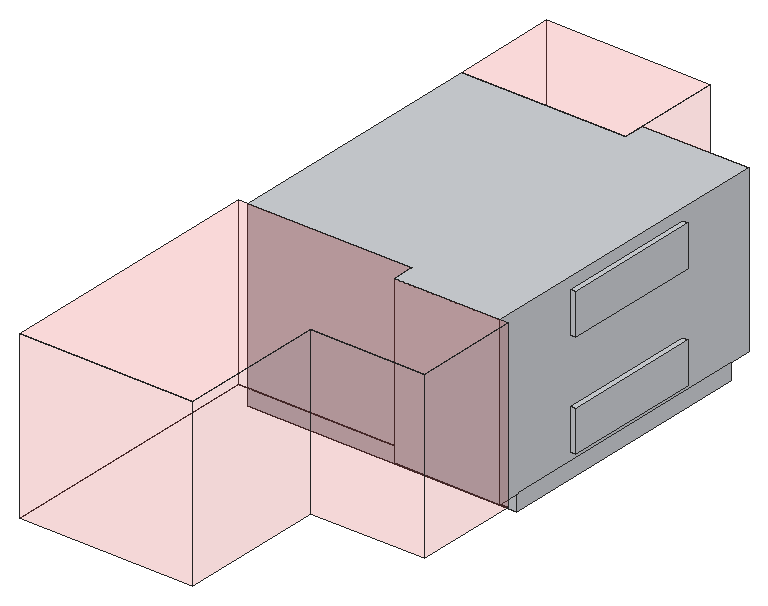
Revit family
Parameters (values of type "575 V Three Phase")
  XS4 [instance] = "XS4"
  XS3 [instance] = "XS3"
  XP5 [instance] = "XP5"
  XP4 [instance] = "XP4"
  XP3 [instance] = "XP3"
  XH5 [instance] = "XH5"
  XH4 [instance] = "XH4"
  XH3 [instance] = "XH3"
  XD4 [instance] = "XD4"
  XD3 [instance] = "XD3"
  XB6 [instance] = "XB6"
  XB4 [instance] = "XB4"
  XB3 [instance] = "XB3"
  Winter Exhaust RH Scheduled [instance] = 35
  Winter Exhaust DB Scheduled [instance] = 70
  Weight Scheduled [instance] = 1100
  Voltage Workaround = Voltage / 1 V  # 575
  Voltage Scheduled = Voltage  # 575 V
  Voltage = 575 V
  VoltAmps Workaround [instance] = Voltage Workaround * Total FLA * sqrt(Phase)  # 13743.8232
  VoltAmps [instance] = VoltAmps Workaround * 1 VA  # 13743.8 VA
  URL = "http://www.renewaire.com/products/doas/indoor-models/rd4xin"
  Total FLA [instance] = Supply Motor FLA + Exhaust Motor FLA  # 13.8
  Supply Motor HP Scheduled [instance] = Supply Motor HP  # 5
  Supply Motor HP [instance] = 5  # constant formula
  Supply Motor FLA [instance] = if(or(Voltage = 208 V, Voltage = 230 V), 18.6, if(Voltage = 460 V, 9.3, if(Voltage = 575 V, 6.9, 0)))  # 6.9
  Supply Motor Count Scheduled [instance] = Supply Motor Count  # 1
  Supply Motor Count [instance] = 1  # constant formula
  Supply ESP Scheduled [instance] = Supply ESP  # 1
  Supply ESP [instance] = 1
  Supply CFM Scheduled [instance] = Supply CFM  # 1600 CFM
  Supply CFM [instance] = 1600 CFM
  Supply Air Winter WB Scheduled [instance] = 0
  Supply Air Winter RH Scheduled [instance] = 0
  Supply Air Winter DB Scheduled [instance] = 0
  Supply Air Summer WB Scheduled [instance] = 0
  Supply Air Summer RH Scheduled [instance] = 0
  Supply Air Summer DB Scheduled [instance] = 0
  Summer Exhaust RH Scheduled [instance] = 50
  Summer Exhaust DB Scheduled [instance] = 75
  SD5 [instance] = "SD5"
  SD4 [instance] = "SD4"
  SD3 [instance] = "SD3"
  SC5 [instance] = "SC5"
  SC4 [instance] = "SC4"
  SC3 [instance] = "SC3"
  Phase Scheduled = Phase  # 3
  Phase = 3
  Outside Air Winter WB Scheduled [instance] = -1
  Outside Air Winter DB Scheduled [instance] = 0
  Outside Air Summer WB Scheduled [instance] = 78
  Outside Air Summer DB Scheduled [instance] = 95
  Number of Poles = 3
  No Coil [instance] = "--"
  Model = "RD4XIN"
  Manufacturer = "RenewAire"
  MOCP Scheduled [instance] = MOCP  # 20
  MOCP [instance] = if(and(or(Voltage = 208 V, Voltage = 230 V), Phase = 1), 50, if(and(Voltage = 460 V, Phase = 3), 25, if(and(Voltage = 575 V, Phase = 3), 20, 0)))  # 20
  MCA Scheduled [instance] = MCA  # 15.5
  MCA [instance] = if(and(or(Voltage = 208 V, Voltage = 230 V), Phase = 1), 41.8, if(and(Voltage = 460 V, Phase = 3), 20.9, if(and(Voltage = 575 V, Phase = 3), 15.5, 0)))  # 15.5
  Heating Water EWT Scheduled [instance] = Heating Coil EWT  # 180
  Heating Coil Scheduled [instance] = if(Heat Coil XB6, XB6, if(Heat Coil DV6, DV6, if(Heat Coil XB4, XB4, if(Heat Coil DV4, DV4, if(Heat Coil XB3, XB3, if(Heat Coil DV3, DV3, if(Heat Coil SC5, SC5, if(Heat Coil SD5, SD5, if(Heat Coil SC4, SC4, if(Heat Coil SD4, SD4, if(Heat Coil SC3, SC3, if(Heat Coil SD3, SD3, if(Heat Coil HW1, HW1, No Coil)))))))))))))  # "--"
  Heating Coil PD Scheduled [instance] = if(and(and(Winter Exhaust DB Scheduled = 70, Winter Exhaust RH Scheduled = 35), and(Outside Air Winter WB Scheduled = -1, Outside Air Winter DB Scheduled = 0)), if(or(Heat Coil SC5, Heat Coil SD5), if(Heating Water EWT Scheduled = 140, if(Supply CFM > 4000 CFM, 0, if(Supply CFM > 3000 CFM, 0.6, if(Supply CFM > 2000 CFM, 0.6, 0.6))), if(Heating Water EWT Scheduled = 180, if(Supply CFM > 4000 CFM, 0, if(Supply CFM > 3000 CFM, 0.6, if(Supply CFM > 2000 CFM, 0.6, 0.6))), 0)), if(or(Heat Coil SC4, Heat Coil SD4), if(Heating Water EWT Scheduled = 140, if(Supply CFM > 4000 CFM, 0, if(Supply CFM > 3000 CFM, 1.4, if(Supply CFM > 2000 CFM, 1.4, 1.4))), if(Heating Water EWT Scheduled = 180, if(Supply CFM > 4000 CFM, 0, if(Supply CFM > 3000 CFM, 1.4, if(Supply CFM > 2000 CFM, 1.4, 1.3))), 0)), if(or(Heat Coil SC3, Heat Coil SD3), if(Heating Water EWT Scheduled = 140, if(Supply CFM > 4000 CFM, 0, if(Supply CFM > 3000 CFM, 0.4, if(Supply CFM > 2000 CFM, 0.4, 0.4))), if(Heating Water EWT Scheduled = 180, if(Supply CFM > 4000 CFM, 0, if(Supply CFM > 3000 CFM, 0.4, if(Supply CFM > 2000 CFM, 0.4, 0.4))), 0)), if(Heat Coil HW1, if(Heating Water EWT Scheduled = 140, if(Supply CFM > 4000 CFM, 0, if(Supply CFM > 3000 CFM, 5.8, if(Supply CFM > 2000 CFM, 5.8, 5.8))), if(Heating Water EWT Scheduled = 180, if(Supply CFM > 4000 CFM, 0, if(Supply CFM > 3000 CFM, 5.7, if(Supply CFM > 2000 CFM, 5.7, 5.7))), 0)), 0)))), 0)  # 0
  Heating Coil Load Scheduled [instance] = if(and(and(Winter Exhaust DB Scheduled = 70, Winter Exhaust RH Scheduled = 35), and(Outside Air Winter WB Scheduled = -1, Outside Air Winter DB Scheduled = 0)), if(or(Heat Coil XB6, Heat Coil DV6), if(Supply CFM > 4000 CFM, 0, if(Supply CFM > 3000 CFM, 252, if(Supply CFM > 2000 CFM, 189, 131))), if(or(Heat Coil XB4, Heat Coil DV4), if(Supply CFM > 4000 CFM, 0, if(Supply CFM > 3000 CFM, 227, if(Supply CFM > 2000 CFM, 169, 137))), if(or(Heat Coil XB3, Heat Coil DV3), if(Supply CFM > 4000 CFM, 0, if(Supply CFM > 3000 CFM, 0, if(Supply CFM > 2000 CFM, 190, 126))), if(or(Heat Coil SC5, Heat Coil SD5), if(Heating Water EWT Scheduled = 140, if(Supply CFM > 4000 CFM, 0, if(Supply CFM > 3000 CFM, 310, if(Supply CFM > 2000 CFM, 245, 171))), if(Heating Water EWT Scheduled = 180, if(Supply CFM > 4000 CFM, 0, if(Supply CFM > 3000 CFM, 447, if(Supply CFM > 2000 CFM, 357, 251))), 0)), if(or(Heat Coil SC4, Heat Coil SD4), if(Heating Water EWT Scheduled = 140, if(Supply CFM > 4000 CFM, 0, if(Supply CFM > 3000 CFM, 294, if(Supply CFM > 2000 CFM, 234, 164))), if(Heating Water EWT Scheduled = 180, if(Supply CFM > 4000 CFM, 0, if(Supply CFM > 3000 CFM, 424, if(Supply CFM > 2000 CFM, 340, 241))), 0)), if(or(Heat Coil SC3, Heat Coil SD3), if(Heating Water EWT Scheduled = 140, if(Supply CFM > 4000 CFM, 0, if(Supply CFM > 3000 CFM, 256, if(Supply CFM > 2000 CFM, 208, 151))), if(Heating Water EWT Scheduled = 180, if(Supply CFM > 4000 CFM, 0, if(Supply CFM > 3000 CFM, 371, if(Supply CFM > 2000 CFM, 304, 223))), 0)), if(Heat Coil HW1, if(Heating Water EWT Scheduled = 140, if(Supply CFM > 4000 CFM, 0, if(Supply CFM > 3000 CFM, 158, if(Supply CFM > 2000 CFM, 135, 106))), if(Heating Water EWT Scheduled = 180, if(Supply CFM > 4000 CFM, 0, if(Supply CFM > 3000 CFM, 229, if(Supply CFM > 2000 CFM, 197, 157))), 0)), 0))))))), 0)  # 0
  Heating Coil LWT [instance] = 0
  Heating Coil LAT Scheduled [instance] = if(and(and(Winter Exhaust DB Scheduled = 70, Winter Exhaust RH Scheduled = 35), and(Outside Air Winter WB Scheduled = -1, Outside Air Winter DB Scheduled = 0)), if(or(Heat Coil XB6, Heat Coil DV6), if(Supply CFM > 4000 CFM, 0, if(Supply CFM > 3000 CFM, 104, if(Supply CFM > 2000 CFM, 107.6, 113.8))), if(or(Heat Coil XB4, Heat Coil DV4), if(Supply CFM > 4000 CFM, 0, if(Supply CFM > 3000 CFM, 98.3, if(Supply CFM > 1000 CFM, 101.7, 116.6))), if(or(Heat Coil XB3, Heat Coil DV3), if(Supply CFM > 4000 CFM, 0, if(Supply CFM > 3000 CFM, 0, if(Supply CFM > 2000 CFM, 107.9, 111.6))), if(or(Heat Coil SC5, Heat Coil SD5), if(Heating Water EWT Scheduled = 140, if(Supply CFM > 4000 CFM, 0, if(Supply CFM > 3000 CFM, 117.4, if(Supply CFM > 2000 CFM, 125.1, 132.2))), if(Heating Water EWT Scheduled = 180, if(Supply CFM > 4000 CFM, 0, if(Supply CFM > 3000 CFM, 149, if(Supply CFM > 2000 CFM, 159.4, 169.2))), 0)), if(or(Heat Coil SC4, Heat Coil SD4), if(Heating Water EWT Scheduled = 140, if(Supply CFM > 4000 CFM, 0, if(Supply CFM > 3000 CFM, 113.9, if(Supply CFM > 2000 CFM, 121.5, 129))), if(Heating Water EWT Scheduled = 180, if(Supply CFM > 4000 CFM, 0, if(Supply CFM > 3000 CFM, 143.7, if(Supply CFM > 2000 CFM, 154.1, 164.4))), 0)), if(or(Heat Coil SC3, Heat Coil SD3), if(Heating Water EWT Scheduled = 140, if(Supply CFM > 4000 CFM, 0, if(Supply CFM > 3000 CFM, 105, if(Supply CFM > 2000 CFM, 113.7, 123.2))), if(Heating Water EWT Scheduled = 180, if(Supply CFM > 4000 CFM, 0, if(Supply CFM > 3000 CFM, 131.5, if(Supply CFM > 2000 CFM, 143.2, 156.4))), 0)), if(Heat Coil HW1, if(Heating Water EWT Scheduled = 140, if(Supply CFM > 4000 CFM, 0, if(Supply CFM > 3000 CFM, 82.4, if(Supply CFM > 2000 CFM, 91, 102.3))), if(Heating Water EWT Scheduled = 180, if(Supply CFM > 4000 CFM, 0, if(Supply CFM > 3000 CFM, 98.7, if(Supply CFM > 2000 CFM, 110.1, 125.6))), 0)), 0))))))), 0)  # 0
  Heating Coil Fluid Type Scheduled [instance] = ""
  Heating Coil Flow Rate Scheduled [instance] = if(and(and(Winter Exhaust DB Scheduled = 70, Winter Exhaust RH Scheduled = 35), and(Outside Air Winter WB Scheduled = -1, Outside Air Winter DB Scheduled = 0)), if(or(Heat Coil SC5, Heat Coil SD5), if(Heating Water EWT Scheduled = 140, if(Supply CFM > 4000 CFM, 0, if(Supply CFM > 3000 CFM, 12.2, if(Supply CFM > 2000 CFM, 12.2, 12.2))), if(Heating Water EWT Scheduled = 180, if(Supply CFM > 4000 CFM, 0, if(Supply CFM > 3000 CFM, 12.3, if(Supply CFM > 2000 CFM, 12.3, 12.3))), 0)), if(or(Heat Coil SC4, Heat Coil SD4), if(Heating Water EWT Scheduled = 140, if(Supply CFM > 4000 CFM, 0, if(Supply CFM > 3000 CFM, 12.2, if(Supply CFM > 2000 CFM, 12.2, 12.2))), if(Heating Water EWT Scheduled = 180, if(Supply CFM > 4000 CFM, 0, if(Supply CFM > 3000 CFM, 12.3, if(Supply CFM > 2000 CFM, 12.3, 12.3))), 0)), if(or(Heat Coil SC3, Heat Coil SD3), if(Heating Water EWT Scheduled = 140, if(Supply CFM > 4000 CFM, 0, if(Supply CFM > 3000 CFM, 12.2, if(Supply CFM > 2000 CFM, 12.2, 12.2))), if(Heating Water EWT Scheduled = 180, if(Supply CFM > 4000 CFM, 0, if(Supply CFM > 3000 CFM, 12.3, if(Supply CFM > 2000 CFM, 12.3, 12.3))), 0)), if(Heat Coil HW1, if(Heating Water EWT Scheduled = 140, if(Supply CFM > 4000 CFM, 0, if(Supply CFM > 3000 CFM, 12.2, if(Supply CFM > 2000 CFM, 12.2, 12.2))), if(Heating Water EWT Scheduled = 180, if(Supply CFM > 4000 CFM, 0, if(Supply CFM > 3000 CFM, 12.3, if(Supply CFM > 2000 CFM, 12.3, 12.3))), 0)), 0)))), 0)  # 0
  Heating Coil EWT [instance] = 180
  Heat Coil XS4 [instance] = no
  Heat Coil XS3 [instance] = no
  Heat Coil XD4 [instance] = no
  Heat Coil XD3 [instance] = no
  Heat Coil XB6 [instance] = no
  Heat Coil XB4 [instance] = no
  Heat Coil XB3 [instance] = no
  Heat Coil SD5 [instance] = no
  Heat Coil SD4 [instance] = no
  Heat Coil SD3 [instance] = no
  Heat Coil SC5 [instance] = no
  Heat Coil SC4 [instance] = no
  Heat Coil SC3 [instance] = no
  Heat Coil HW1 [instance] = no
  Heat Coil DV6 [instance] = no
  Heat Coil DV4 [instance] = no
  Heat Coil DV3 [instance] = no
  HW1 [instance] = "HW1"
  HP4 [instance] = "HP4"
  HP3 [instance] = "HP3"
  FLA Scheduled [instance] = Total FLA  # 13.8
  Exhaust Motor HP Scheduled [instance] = Exhaust Motor HP  # 5
  Exhaust Motor HP [instance] = 5  # constant formula
  Exhaust Motor FLA [instance] = if(or(Voltage = 208 V, Voltage = 230 V), 18.6, if(Voltage = 460 V, 9.3, if(Voltage = 575 V, 6.9, 0)))  # 6.9
  Exhaust Motor Count Scheduled [instance] = Exhaust Motor Count  # 1
  Exhaust Motor Count [instance] = 1  # constant formula
  Exhaust ESP Scheduled [instance] = Exhaust ESP  # 1
  Exhaust ESP [instance] = 1
  Exhaust CFM Scheduled [instance] = Exhaust CFM  # 1500 CFM
  Exhaust CFM [instance] = 1500 CFM
  Enthalpy Effect Winter Scheduled [instance] = 0
  Enthalpy Effect Summer Scheduled [instance] = 0
  Effectiveness Total Winter Scheduled [instance] = 0
  Effectiveness Total Summer Scheduled [instance] = 0
  Effectiveness Sensible Winter Scheduled [instance] = 0
  Effectiveness Sensible Summer Scheduled [instance] = 0
  DX5 [instance] = "DX5"
  DX4 [instance] = "DX4"
  DX3 [instance] = "DX3"
  DV6 [instance] = "DV6"
  DV4 [instance] = "DV4"
  DV3 [instance] = "DV3"
  DU4 [instance] = "DU4"
  DU3 [instance] = "DU3"
  DP4 [instance] = "DP4"
  DP3 [instance] = "DP3"
  DH4 [instance] = "DH4"
  DH3 [instance] = "DH3"
  DD5 [instance] = "DD5"
  DD4 [instance] = "DD4"
  DD3 [instance] = "DD3"
  Cooling Coil Scheduled [instance] = if(Cool Coil DX5, DX5, if(Cool Coil DD5, DD5, if(Cool Coil XH5, XH5, if(Cool Coil XP5, XP5, if(Cool Coil DX4, DX4, if(Cool Coil DD4, DD4, if(Cool Coil XH4, XH4, if(Cool Coil XP4, XP4, if(Cool Coil DX3, DX3, if(Cool Coil DD3, DD3, if(Cool Coil XH3, XH3, if(Cool Coil XP3, XP3, if(Cool Coil DU4, DU4, if(Cool Coil DH4, DH4, if(Cool Coil DP4, DP4, if(Cool Coil HP4, HP4, if(Cool Coil DU3, DU3, if(Cool Coil DH3, DH3, if(Cool Coil DP3, DP3, if(Cool Coil HP3, HP3, if(Cool Coil XB6, XB6, if(Cool Coil DV6, DV6, if(Cool Coil XB4, XB4, if(Cool Coil DV4, DV4, if(Cool Coil XB3, XB3, if(Cool Coil DV3, DV3, if(Cool Coil CW5, CW5, if(Cool Coil CD5, CD5, if(Cool Coil CH5, CH5, if(Cool Coil BD5, BD5, if(Cool Coil SC5, SC5, if(Cool Coil SD5, SD5, if(Cool Coil CW4, CW4, if(Cool Coil CD4, CD4, if(Cool Coil CH4, CH4, if(Cool Coil BD4, BD4, if(Cool Coil SC4, SC4, if(Cool Coil SD4, SD4, if(Cool Coil CW3, CW3, if(Cool Coil CD3, CD3, if(Cool Coil CH3, CH3, if(Cool Coil BD3, BD3, if(Cool Coil SC3, SC3, if(Cool Coil SD3, SD3, No Coil))))))))))))))))))))))))))))))))))))))))))))  # "--"
  Cooling Coil PD [instance] = if(and(Summer Exhaust DB Scheduled = 75, Summer Exhaust RH Scheduled = 50), if(or(Cool Coil CW5, or(Cool Coil CD5, or(Cool Coil CH5, or(Cool Coil BD5, or(Cool Coil SC5, Cool Coil SD5))))), if(and(Outside Air Summer DB Scheduled = 95, Outside Air Summer WB Scheduled = 78), if(Supply CFM > 4000 CFM, 0, if(Supply CFM > 3000 CFM, 3.5, if(Supply CFM > 2000 CFM, 3.5, 1.7))), if(and(Outside Air Summer DB Scheduled = 88, Outside Air Summer WB Scheduled = 77), if(Supply CFM > 4000 CFM, 0, if(Supply CFM > 3000 CFM, 3.5, if(Supply CFM > 2000 CFM, 3.5, 1.7))), 0)), if(or(Cool Coil CW4, or(Cool Coil CD4, or(Cool Coil CH4, or(Cool Coil BD4, or(Cool Coil SC4, Cool Coil SD4))))), if(and(Outside Air Summer DB Scheduled = 95, Outside Air Summer WB Scheduled = 78), if(Supply CFM > 4000 CFM, 0, if(Supply CFM > 3000 CFM, 8.5, if(Supply CFM > 2000 CFM, 8.6, 4.1))), if(and(Outside Air Summer DB Scheduled = 88, Outside Air Summer WB Scheduled = 77), if(Supply CFM > 4000 CFM, 0, if(Supply CFM > 3000 CFM, 8.5, if(Supply CFM > 2000 CFM, 8.6, 4.1))), 0)), if(or(Cool Coil CW3, or(Cool Coil CD3, or(Cool Coil CH3, or(Cool Coil BD3, or(Cool Coil SC3, Cool Coil SD3))))), if(and(Outside Air Summer DB Scheduled = 95, Outside Air Summer WB Scheduled = 78), if(Supply CFM > 4000 CFM, 0, if(Supply CFM > 3000 CFM, 2.3, if(Supply CFM > 2000 CFM, 2.3, 2.3))), if(and(Outside Air Summer DB Scheduled = 88, Outside Air Summer WB Scheduled = 77), if(Supply CFM > 4000 CFM, 0, if(Supply CFM > 3000 CFM, 2.3, if(Supply CFM > 2000 CFM, 2.3, 2.3))), 0)), 0))), 0)  # 0
  Cooling Coil Load Scheduled [instance] = if(and(Summer Exhaust DB Scheduled = 75, Summer Exhaust RH Scheduled = 50), if(or(Cool Coil DX5, or(Cool Coil DD5, or(Cool Coil XH5, Cool Coil XP5))), if(and(Outside Air Summer DB Scheduled = 95, Outside Air Summer WB Scheduled = 78), if(Supply CFM > 4000 CFM, 0, if(Supply CFM > 3000 CFM, 269, if(Supply CFM > 2000 CFM, 211, 148))), if(and(Outside Air Summer DB Scheduled = 88, Outside Air Summer WB Scheduled = 77), if(Supply CFM > 4000 CFM, 0, if(Supply CFM > 3000 CFM, 268, if(Supply CFM > 2000 CFM, 211, 147))), 0)), if(or(Cool Coil DX4, or(Cool Coil DD4, or(Cool Coil XH4, Cool Coil XP4))), if(and(Outside Air Summer DB Scheduled = 95, Outside Air Summer WB Scheduled = 78), if(Supply CFM > 4000 CFM, 0, if(Supply CFM > 3000 CFM, 260, if(Supply CFM > 2000 CFM, 204, 144))), if(and(Outside Air Summer DB Scheduled = 88, Outside Air Summer WB Scheduled = 77), if(Supply CFM > 4000 CFM, 0, if(Supply CFM > 3000 CFM, 259, if(Supply CFM > 2000 CFM, 204, 142))), 0)), if(or(Cool Coil DX3, or(Cool Coil DD3, or(Cool Coil XH3, Cool Coil XP3))), if(and(Outside Air Summer DB Scheduled = 95, Outside Air Summer WB Scheduled = 78), if(Supply CFM > 4000 CFM, 0, if(Supply CFM > 3000 CFM, 243, 191)), if(and(Outside Air Summer DB Scheduled = 88, Outside Air Summer WB Scheduled = 77), if(Supply CFM > 4000 CFM, 0, if(Supply CFM > 3000 CFM, 242, 190)), 0)), if(or(Cool Coil DU4, or(Cool Coil DH4, or(Cool Coil DP4, Cool Coil HP4))), if(and(Outside Air Summer DB Scheduled = 95, Outside Air Summer WB Scheduled = 78), if(Supply CFM > 4000 CFM, 0, if(Supply CFM > 3000 CFM, 266, if(Supply CFM > 2000 CFM, 208, 146))), if(and(Outside Air Summer DB Scheduled = 88, Outside Air Summer WB Scheduled = 77), if(Supply CFM > 4000 CFM, 0, if(Supply CFM > 3000 CFM, 265, if(Supply CFM > 2000 CFM, 207, 144))), 0)), if(or(Cool Coil DU3, or(Cool Coil DH3, or(Cool Coil DP3, Cool Coil HP3))), if(and(Outside Air Summer DB Scheduled = 95, Outside Air Summer WB Scheduled = 78), if(Supply CFM > 4000 CFM, 0, if(Supply CFM > 3000 CFM, 232, if(Supply CFM > 2000 CFM, 183, 130))), if(and(Outside Air Summer DB Scheduled = 88, Outside Air Summer WB Scheduled = 77), if(Supply CFM > 4000 CFM, 0, if(Supply CFM > 3000 CFM, 231, if(Supply CFM > 2000 CFM, 182, 129))), 0)), if(or(Cool Coil XB6, Cool Coil DV6), if(and(Outside Air Summer DB Scheduled = 95, Outside Air Summer WB Scheduled = 78), if(Supply CFM > 4000 CFM, 0, if(Supply CFM > 3000 CFM, 275, if(Supply CFM > 2000 CFM, 214, 149))), if(and(Outside Air Summer DB Scheduled = 88, Outside Air Summer WB Scheduled = 77), if(Supply CFM > 4000 CFM, 0, if(Supply CFM > 3000 CFM, 273, if(Supply CFM > 2000 CFM, 213, 147))), 0)), if(or(Cool Coil XB4, Cool Coil DV4), if(and(Outside Air Summer DB Scheduled = 95, Outside Air Summer WB Scheduled = 78), if(Supply CFM > 4000 CFM, 0, if(Supply CFM > 3000 CFM, 257, if(Supply CFM > 2000 CFM, 200, 141))), if(and(Outside Air Summer DB Scheduled = 88, Outside Air Summer WB Scheduled = 77), if(Supply CFM > 4000 CFM, 0, if(Supply CFM > 3000 CFM, 256, if(Supply CFM > 2000 CFM, 199, 140))), 0)), if(or(Cool Coil XB3, Cool Coil DV3), if(and(Outside Air Summer DB Scheduled = 95, Outside Air Summer WB Scheduled = 78), if(Supply CFM > 3000 CFM, 0, if(Supply CFM > 2000 CFM, 186, 135)), if(and(Outside Air Summer DB Scheduled = 88, Outside Air Summer WB Scheduled = 77), if(Supply CFM > 3000 CFM, 0, if(Supply CFM > 2000 CFM, 186, 134)), 0)), if(or(Cool Coil CW5, or(Cool Coil CD5, or(Cool Coil CH5, or(Cool Coil BD5, or(Cool Coil SC5, Cool Coil SD5))))), if(and(Outside Air Summer DB Scheduled = 95, Outside Air Summer WB Scheduled = 78), if(Supply CFM > 4000 CFM, 0, if(Supply CFM > 3000 CFM, 225, if(Supply CFM > 2000 CFM, 184, 124))), if(and(Outside Air Summer DB Scheduled = 88, Outside Air Summer WB Scheduled = 77), if(Supply CFM > 4000 CFM, 0, if(Supply CFM > 3000 CFM, 225, if(Supply CFM > 2000 CFM, 184, 123))), 0)), if(or(Cool Coil CW4, or(Cool Coil CD4, or(Cool Coil CH4, or(Cool Coil BD4, or(Cool Coil SC4, Cool Coil SD4))))), if(and(Outside Air Summer DB Scheduled = 95, Outside Air Summer WB Scheduled = 78), if(Supply CFM > 4000 CFM, 0, if(Supply CFM > 3000 CFM, 215, if(Supply CFM > 2000 CFM, 176, 119))), if(and(Outside Air Summer DB Scheduled = 88, Outside Air Summer WB Scheduled = 77), if(Supply CFM > 4000 CFM, 0, if(Supply CFM > 3000 CFM, 214, if(Supply CFM > 2000 CFM, 175, 118))), 0)), if(or(Cool Coil CW3, or(Cool Coil CD3, or(Cool Coil CH3, or(Cool Coil BD3, or(Cool Coil SC3, Cool Coil SD3))))), if(and(Outside Air Summer DB Scheduled = 95, Outside Air Summer WB Scheduled = 78), if(Supply CFM > 4000 CFM, 0, if(Supply CFM > 3000 CFM, 179, if(Supply CFM > 2000 CFM, 150, 113))), if(and(Outside Air Summer DB Scheduled = 88, Outside Air Summer WB Scheduled = 77), if(Supply CFM > 4000 CFM, 0, if(Supply CFM > 3000 CFM, 178, if(Supply CFM > 2000 CFM, 149, 113))), 0)), 0))))))))))), 0)  # 0
  Cooling Coil LWT [instance] = 55
  Cooling Coil LAT Scheduled [instance] = if(and(Summer Exhaust DB Scheduled = 75, Summer Exhaust RH Scheduled = 50), if(or(Cool Coil DX5, or(Cool Coil DD5, or(Cool Coil XH5, Cool Coil XP5))), if(and(Outside Air Summer DB Scheduled = 95, Outside Air Summer WB Scheduled = 78), if(Supply CFM > 4000 CFM, 0, if(Supply CFM > 3000 CFM, 51.8, if(Supply CFM > 2000 CFM, 48.9, 45.7))), if(and(Outside Air Summer DB Scheduled = 88, Outside Air Summer WB Scheduled = 77), if(Supply CFM > 4000 CFM, 0, if(Supply CFM > 3000 CFM, 51.7, if(Supply CFM > 2000 CFM, 48.8, 45.6))), 0)), if(or(Cool Coil DX4, or(Cool Coil DD4, or(Cool Coil XH4, Cool Coil XP4))), if(and(Outside Air Summer DB Scheduled = 95, Outside Air Summer WB Scheduled = 78), if(Supply CFM > 4000 CFM, 0, if(Supply CFM > 3000 CFM, 52.7, if(Supply CFM > 2000 CFM, 49.9, 46.7))), if(and(Outside Air Summer DB Scheduled = 88, Outside Air Summer WB Scheduled = 77), if(Supply CFM > 4000 CFM, 0, if(Supply CFM > 3000 CFM, 52.6, if(Supply CFM > 2000 CFM, 49.8, 46.6))), 0)), if(or(Cool Coil DX3, or(Cool Coil DD3, or(Cool Coil XH3, Cool Coil XP3))), if(and(Outside Air Summer DB Scheduled = 95, Outside Air Summer WB Scheduled = 78), if(Supply CFM > 4000 CFM, 0, if(Supply CFM > 3000 CFM, 54.4, 51.8)), if(and(Outside Air Summer DB Scheduled = 88, Outside Air Summer WB Scheduled = 77), if(Supply CFM > 4000 CFM, 0, if(Supply CFM > 3000 CFM, 54.3, 51.7)), 0)), if(or(Cool Coil DU4, or(Cool Coil DH4, or(Cool Coil DP4, Cool Coil HP4))), if(and(Outside Air Summer DB Scheduled = 95, Outside Air Summer WB Scheduled = 78), if(Supply CFM > 4000 CFM, 0, if(Supply CFM > 3000 CFM, 52.1, if(Supply CFM > 2000 CFM, 49.3, 46.2))), if(and(Outside Air Summer DB Scheduled = 88, Outside Air Summer WB Scheduled = 77), if(Supply CFM > 4000 CFM, 0, if(Supply CFM > 3000 CFM, 52, if(Supply CFM > 2000 CFM, 49.3, 46.1))), 0)), if(or(Cool Coil DU3, or(Cool Coil DH3, or(Cool Coil DP3, Cool Coil HP3))), if(and(Outside Air Summer DB Scheduled = 95, Outside Air Summer WB Scheduled = 78), if(Supply CFM > 4000 CFM, 0, if(Supply CFM > 3000 CFM, 55.8, if(Supply CFM > 2000 CFM, 53.1, 49.7))), if(and(Outside Air Summer DB Scheduled = 88, Outside Air Summer WB Scheduled = 77), if(Supply CFM > 4000 CFM, 0, if(Supply CFM > 3000 CFM, 55.6, if(Supply CFM > 2000 CFM, 52.9, 49.6))), 0)), if(or(Cool Coil XB6, Cool Coil DV6), if(and(Outside Air Summer DB Scheduled = 95, Outside Air Summer WB Scheduled = 78), if(Supply CFM > 4000 CFM, 0, if(Supply CFM > 3000 CFM, 51.5, if(Supply CFM > 2000 CFM, 48.7, 45.6))), if(and(Outside Air Summer DB Scheduled = 88, Outside Air Summer WB Scheduled = 77), if(Supply CFM > 4000 CFM, 0, if(Supply CFM > 3000 CFM, 51.3, if(Supply CFM > 2000 CFM, 48.6, 45.6))), 0)), if(or(Cool Coil XB4, Cool Coil DV4), if(and(Outside Air Summer DB Scheduled = 95, Outside Air Summer WB Scheduled = 78), if(Supply CFM > 4000 CFM, 0, if(Supply CFM > 3000 CFM, 53.2, if(Supply CFM > 2000 CFM, 50.6, 47.3))), if(and(Outside Air Summer DB Scheduled = 88, Outside Air Summer WB Scheduled = 77), if(Supply CFM > 4000 CFM, 0, if(Supply CFM > 2000 CFM, 53, if(Supply CFM > 2000 CFM, 50.5, 47.2))), 0)), if(or(Cool Coil XB3, Cool Coil DV3), if(and(Outside Air Summer DB Scheduled = 95, Outside Air Summer WB Scheduled = 78), if(Supply CFM > 3000 CFM, 0, if(Supply CFM > 2000 CFM, 52.6, 48.7)), if(and(Outside Air Summer DB Scheduled = 88, Outside Air Summer WB Scheduled = 77), if(Supply CFM > 3000 CFM, 0, if(Supply CFM > 2000 CFM, 52.4, 48.6)), 0)), if(or(Cool Coil CW5, or(Cool Coil CD5, or(Cool Coil CH5, or(Cool Coil BD5, or(Cool Coil SC5, Cool Coil SD5))))), if(and(Outside Air Summer DB Scheduled = 95, Outside Air Summer WB Scheduled = 78), if(Supply CFM > 4000 CFM, 0, if(Supply CFM > 3000 CFM, 55.7, if(Supply CFM > 2000 CFM, 52.4, 50.7))), if(and(Outside Air Summer DB Scheduled = 88, Outside Air Summer WB Scheduled = 77), if(Supply CFM > 4000 CFM, 0, if(Supply CFM > 3000 CFM, 55.5, if(Supply CFM > 2000 CFM, 52.3, 50.6))), 0)), if(or(Cool Coil CW4, or(Cool Coil CD4, or(Cool Coil CH4, or(Cool Coil BD4, or(Cool Coil SC4, Cool Coil SD4))))), if(and(Outside Air Summer DB Scheduled = 95, Outside Air Summer WB Scheduled = 78), if(Supply CFM > 4000 CFM, 0, if(Supply CFM > 3000 CFM, 56.8, if(Supply CFM > 2000 CFM, 53.6, 51.8))), if(and(Outside Air Summer DB Scheduled = 88, Outside Air Summer WB Scheduled = 77), if(Supply CFM > 4000 CFM, 0, if(Supply CFM > 3000 CFM, 56.6, if(Supply CFM > 2000 CFM, 53.5, 51.7))), 0)), if(or(Cool Coil CW3, or(Cool Coil CD3, or(Cool Coil CH3, or(Cool Coil BD3, or(Cool Coil SC3, Cool Coil SD3))))), if(and(Outside Air Summer DB Scheduled = 95, Outside Air Summer WB Scheduled = 78), if(Supply CFM > 4000 CFM, 0, if(Supply CFM > 3000 CFM, 60.4, if(Supply CFM > 2000 CFM, 57.2, 53.1))), if(and(Outside Air Summer DB Scheduled = 88, Outside Air Summer WB Scheduled = 77), if(Supply CFM > 4000 CFM, 0, if(Supply CFM > 3000 CFM, 60.1, if(Supply CFM > 2000 CFM, 56.9, 52.9))), 0)), 0))))))))))), 0)  # 0
  Cooling Coil Fluid Type Scheduled [instance] = ""
  Cooling Coil Flow Rate Scheduled [instance] = if(and(Summer Exhaust DB Scheduled = 75, Summer Exhaust RH Scheduled = 50), if(or(Cool Coil CW5, or(Cool Coil CD5, or(Cool Coil CH5, or(Cool Coil BD5, or(Cool Coil SC5, Cool Coil SD5))))), if(and(Outside Air Summer DB Scheduled = 95, Outside Air Summer WB Scheduled = 78), if(Supply CFM > 4000 CFM, 0, if(Supply CFM > 3000 CFM, 30, if(Supply CFM > 2000 CFM, 30, 20))), if(and(Outside Air Summer DB Scheduled = 88, Outside Air Summer WB Scheduled = 77), if(Supply CFM > 4000 CFM, 0, if(Supply CFM > 3000 CFM, 30, if(Supply CFM > 2000 CFM, 30, 20))), 0)), if(or(Cool Coil CW4, or(Cool Coil CD4, or(Cool Coil CH4, or(Cool Coil BD4, or(Cool Coil SC4, Cool Coil SD4))))), if(and(Outside Air Summer DB Scheduled = 95, Outside Air Summer WB Scheduled = 78), if(Supply CFM > 4000 CFM, 0, if(Supply CFM > 3000 CFM, 30, if(Supply CFM > 2000 CFM, 30, 20))), if(and(Outside Air Summer DB Scheduled = 88, Outside Air Summer WB Scheduled = 77), if(Supply CFM > 4000 CFM, 0, if(Supply CFM > 3000 CFM, 30, if(Supply CFM > 2000 CFM, 30, 20))), 0)), if(or(Cool Coil CW3, or(Cool Coil CD3, or(Cool Coil CH3, or(Cool Coil BD3, or(Cool Coil SC3, Cool Coil SD3))))), if(and(Outside Air Summer DB Scheduled = 95, Outside Air Summer WB Scheduled = 78), if(Supply CFM > 4000 CFM, 0, if(Supply CFM > 3000 CFM, 30, if(Supply CFM > 2000 CFM, 30, 30))), if(and(Outside Air Summer DB Scheduled = 88, Outside Air Summer WB Scheduled = 77), if(Supply CFM > 4000 CFM, 0, if(Supply CFM > 3000 CFM, 30, if(Supply CFM > 2000 CFM, 30, 30))), 0)), 0))), 0)  # 0
  Cooling Coil EWT [instance] = 45
  Cool Coil XS4 [instance] = no
  Cool Coil XS3 [instance] = no
  Cool Coil XP5 [instance] = no
  Cool Coil XP4 [instance] = no
  Cool Coil XP3 [instance] = no
  Cool Coil XH5 [instance] = no
  Cool Coil XH4 [instance] = no
  Cool Coil XH3 [instance] = no
  Cool Coil XD4 [instance] = no
  Cool Coil XD3 [instance] = no
  Cool Coil XB6 [instance] = no
  Cool Coil XB4 [instance] = no
  Cool Coil XB3 [instance] = no
  Cool Coil SD5 [instance] = no
  Cool Coil SD4 [instance] = no
  Cool Coil SD3 [instance] = no
  Cool Coil SC5 [instance] = no
  Cool Coil SC4 [instance] = no
  Cool Coil SC3 [instance] = no
  Cool Coil HP4 [instance] = no
  Cool Coil HP3 [instance] = no
  Cool Coil DX5 [instance] = no
  Cool Coil DX4 [instance] = no
  Cool Coil DX3 [instance] = no
  Cool Coil DV6 [instance] = no
  Cool Coil DV4 [instance] = no
  Cool Coil DV3 [instance] = no
  Cool Coil DU4 [instance] = no
  Cool Coil DU3 [instance] = no
  Cool Coil DP4 [instance] = no
  Cool Coil DP3 [instance] = no
  Cool Coil DH4 [instance] = no
  Cool Coil DH3 [instance] = no
  Cool Coil DD5 [instance] = no
  Cool Coil DD4 [instance] = no
  Cool Coil DD3 [instance] = no
  Cool Coil CW5 [instance] = no
  Cool Coil CW4 [instance] = no
  Cool Coil CW3 [instance] = no
  Cool Coil CH5 [instance] = no
  Cool Coil CH4 [instance] = no
  Cool Coil CH3 [instance] = no
  Cool Coil CD5 [instance] = no
  Cool Coil CD4 [instance] = no
  Cool Coil CD3 [instance] = no
  Cool Coil BD5 [instance] = no
  Cool Coil BD4 [instance] = no
  Cool Coil BD3 [instance] = no
  CW5 [instance] = "CW5"
  CW4 [instance] = "CW4"
  CW3 [instance] = "CW3"
  CH5 [instance] = "CH5"
  CH4 [instance] = "CH4"
  CH3 [instance] = "CH3"
  CD5 [instance] = "CD5"
  CD4 [instance] = "CD4"
  CD3 [instance] = "CD3"
  BD5 [instance] = "BD5"
  BD4 [instance] = "BD4"
  BD3 [instance] = "BD3"
Types (5): name | Voltage Workaround | Voltage Scheduled | Voltage | VoltAmps Workaround | VoltAmps | Total FLA | Supply Motor FLA | Model | MOCP Scheduled | MOCP | MCA Scheduled | MCA | FLA Scheduled | Exhaust Motor FLA
  (no name) | 575 | 575 V | 575 V | 13743.8232 | 13743.8 VA | 13.8 | 6.9 | "RD4XIN" | 20 | 20 | 15.5 | 15.5 | 13.8 | 6.9
  208 V Three Phase | 208 | 208 V | 208 V | 13401.9163 | 13401.9 VA | 37.2 | 18.6 | "RE4XIN" | 0 | 0 | 0 | 0 | 37.2 | 18.6
  230 V Three Phase | 230 | 230 V | 230 V | 14819.4267 | 14819.4 VA | 37.2 | 18.6 | "RE4XIN" | 0 | 0 | 0 | 0 | 37.2 | 18.6
  460 V Three Phase | 460 | 460 V | 460 V | 14819.4267 | 14819.4 VA | 18.6 | 9.3 | "RE4XIN" | 25 | 25 | 20.9 | 20.9 | 18.6 | 9.3
  575 V Three Phase | 575 | 575 V | 575 V | 13743.8232 | 13743.8 VA | 13.8 | 6.9 | "RD4XIN" | 20 | 20 | 15.5 | 15.5 | 13.8 | 6.9
Reference planes (in)
  plane 1 "Center (Front/Back)": y = 0
  plane 2: z = 0
  plane 3 "Center (Left/Right)": x = 0
Forms (in)
  Extrusion 1, solid
    sketch origin (0, 0, 0) x (1, 0, 0) y (0, 1, 0)
      loop
        line (-56.5, 46.0625) -> (-56.5, -46.0625) -> (0, -46.0625) -> (0, -53.375) -> (36.25, -53.375) -> (36.25, 53.375) -> (0, 53.375) -> (0, 46.0625) -> (-56.5, 46.0625)
    from 5.5 to 62.375
  Extrusion 2, solid
    sketch origin (0, -1, 0) x (1, 0, 0) y (0, 1, 0)
      loop
        line (-56.5, 47.0625) -> (-56.5, -45.0625) -> (36.25, -45.0625) -> (36.25, 47.0625) -> (-56.5, 47.0625)
    from 0 to 5.5
  Extrusion 3, solid
    sketch origin (0, -1, 0.5) x (0, 1, 0) y (0, 0, 1)
      loop
        line (25.625, 8.125) -> (25.625, 22.125) -> (-22.375, 22.125) -> (-22.375, 8.125) -> (25.625, 8.125)
    from 36.25 to 38.375
  Extrusion 4, solid
    sketch origin (0, -1, 27.625) x (0, 1, 0) y (0, 0, 1)
      loop
        line (25.625, 17) -> (25.625, 31) -> (-22.375, 31) -> (-22.375, 17) -> (25.625, 17)
    from 36.25 to 38.375
  Extrusion 5, solid
    sketch origin (0, 0, 0) x (0, 1, 0) y (0, 0, -1)
      loop
        line (13.75, -7) -> (-10.25, -7) -> (-10.25, -21) -> (13.75, -21) -> (13.75, -7)
    from 44.75 to 46
  Extrusion 6, solid
    sketch origin (0, 0, 24.625) x (0, 1, 0) y (0, 0, -1)
      loop
        line (13.75, -7) -> (-10.25, -7) -> (-10.25, -21) -> (13.75, -21) -> (13.75, -7)
    from 44.75 to 46
  Extrusion 7, solid
    sketch origin (0, 0, 0) x (1, 0, 0) y (0, 1, 0)
      loop
        line (-59.5, -46.0625) -> (-59.5, -140) -> (0, -140) -> (0, -89.5) -> (39.25, -89.5) -> (39.25, -53.375) -> (0, -53.375) -> (0, -46.0625) -> (-59.5, -46.0625)
    from 5.5 to 62.375
  Extrusion 8, solid
    sketch origin (-20.25, -1, 0.5) x (0, 1, 0) y (0, 0, -1)
      loop
        line (6.8125, -6.125) -> (-21.1875, -6.125) -> (-21.1875, -26.125) -> (6.8125, -26.125) -> (6.8125, -6.125)
    from 36.25 to 37.42229
  Extrusion 9, solid
    sketch origin (-20.25, -1, 27.625) x (0, 1, 0) y (0, 0, -1)
      loop
        line (6.8125, -6.625) -> (-21.1875, -6.625) -> (-21.1875, -26.625) -> (6.8125, -26.625) -> (6.8125, -6.625)
    from 36.25 to 37.42229
  Extrusion 10, solid
    sketch origin (0, 0, 0) x (0, 1, 0) y (0, 0, 1)
      loop
        circle (-34.42632, 37.22562) r 0.875
    from -57.67229 to -56.5
  Extrusion 11, solid
    sketch origin (0, 196, 0) x (1, 0, 0) y (0, 1, 0)
      loop
        line (-56.5, -113.25) -> (-56.5, -149.9375) -> (0, -149.9375) -> (0, -113.25) -> (-56.5, -113.25)
    from 5.5 to 62.375
Lines and regions (in)
  Split face 1
    outline origin (28.78388, 46.0625, 0) x (0, -1, 0) y (1, 0, 0)
      loop
        line (62, -76.90888) -> (62, -52.90888) -> (38, -52.90888) -> (38, -76.90888) -> (62, -76.90888)
  Split face 2
    outline origin (28.78388, 46.0625, 0) x (0, -1, 0) y (1, 0, 0)
      loop
        line (22.0625, 4.46612) -> (22.0625, -9.53388) -> (70.0625, -9.53388) -> (70.0625, 4.46612) -> (22.0625, 4.46612)
  Split face 3
    outline origin (-28.71264, 46.0625, 62.375) x (-1, 0, 0) y (0, -1, 0)
      loop
        line (-47.96264, 22.0625) -> (-47.96264, 70.0625) -> (-61.96264, 70.0625) -> (-61.96264, 22.0625) -> (-47.96264, 22.0625)
  Split face 4
    outline origin (-28.71264, 46.0625, 62.375) x (-1, 0, 0) y (0, -1, 0)
      loop
        line (26.78736, 70.0625) -> (6.78736, 70.0625) -> (6.78736, 42.0625) -> (26.78736, 42.0625) -> (26.78736, 70.0625)
Dimensions and locks (in)
  Extrusion 1 sketch curve to Extrusion 1 sketch curve = 7' - 8 1/8"
  locked: Extrusion 1 sketch curve to Extrusion 1 sketch curve at 106.75
Connectors (in)
  hvac at (-57.67229, -8.1875, 44.25)
    settings: on Extrusion 9, index 10, duct flow 0 CFM, flow factor 0, pres drop 0.00 in-wg, loss coef 0, conn angle 0.00°, conn width 28", conn height 20", conn radius 12", duct sys type 3, conn prof type 1, flow config 0, flow direction 1, loss method 0, conn ref index -1, conn util no, is conn primary yes, conn desc ""
  hvac at (-57.67229, -8.1875, 16.625)
    settings: on Extrusion 8, index 11, duct flow 0 CFM, flow factor 0, pres drop 0.00 in-wg, loss coef 0, conn angle 0.00°, conn width 28", conn height 20", conn radius 12", duct sys type 1, conn prof type 1, flow config 0, flow direction 2, loss method 0, conn ref index -1, conn util no, is conn primary no, conn desc ""
  hvac at (26.25, 0, 62.375)
    settings: on Extrusion 1, index 12, duct flow 0 CFM, flow factor 0, pres drop 0.00 in-wg, loss coef 0, conn angle 0.00°, conn width 14", conn height 48", conn radius 12", duct sys type 1, conn prof type 1, flow config 0, flow direction 2, loss method 0, conn ref index -1, conn util no, is conn primary no, conn desc ""
  hvac at (38.375, 0.625, 51.625)
    settings: on Extrusion 4, index 13, duct flow 0 CFM, flow factor 0, pres drop 0.00 in-wg, loss coef 0, conn angle 0.00°, conn width 48", conn height 14", conn radius 12", duct sys type 1, conn prof type 1, flow config 0, flow direction 2, loss method 0, conn ref index -1, conn util no, is conn primary no, conn desc ""
  hvac at (38.375, 0.625, 15.625)
    settings: on Extrusion 3, index 14, duct flow 0 CFM, flow factor 0, pres drop 0.00 in-wg, loss coef 0, conn angle 0.00°, conn width 48", conn height 14", conn radius 12", duct sys type 2, conn prof type 1, flow config 0, flow direction 1, loss method 0, conn ref index -1, conn util no, is conn primary no, conn desc ""
  hvac at (-45.5, -10, 62.375)
    settings: on Extrusion 1, index 15, duct flow 0 CFM, flow factor 0, pres drop 0.00 in-wg, loss coef 0, conn angle 0.00°, conn width 20", conn height 28", conn radius 12", duct sys type 3, conn prof type 1, flow config 0, flow direction 1, loss method 0, conn ref index -1, conn util no, is conn primary no, conn desc ""
  electrical at (-57.67229, -34.42632, 37.22562), driven by "Number of Poles", driven by "Voltage", driven by "VoltAmps"
    settings: on Extrusion 10, index 16, voltage 575 V, apparent load 13743.8 VA, apparent load phase1 0 VA, apparent load phase2 0 VA, apparent load phase3 0 VA, power factor 1, load classification "HVAC", number of poles 3, system type 30, power factor state 1, is connector primary yes, connector utility no, sub classification motor no, connector description ""
  hvac at (-36.125, -3.9375, 0)
    settings: on Extrusion 2, index 17, duct flow 0 CFM, flow factor 0, pres drop 0.00 in-wg, loss coef 0, conn angle 0.00°, conn width 24", conn height 24", conn radius 12", duct sys type 1, conn prof type 1, flow config 0, flow direction 2, loss method 0, conn ref index -1, conn util no, is conn primary no, conn desc ""
  hvac at (26.25, 0, 0)
    settings: on Extrusion 2, index 18, duct flow 0 CFM, flow factor 0, pres drop 0.00 in-wg, loss coef 0, conn angle 0.00°, conn width 14", conn height 48", conn radius 12", duct sys type 2, conn prof type 1, flow config 0, flow direction 1, loss method 0, conn ref index -1, conn util no, is conn primary no, conn desc ""
